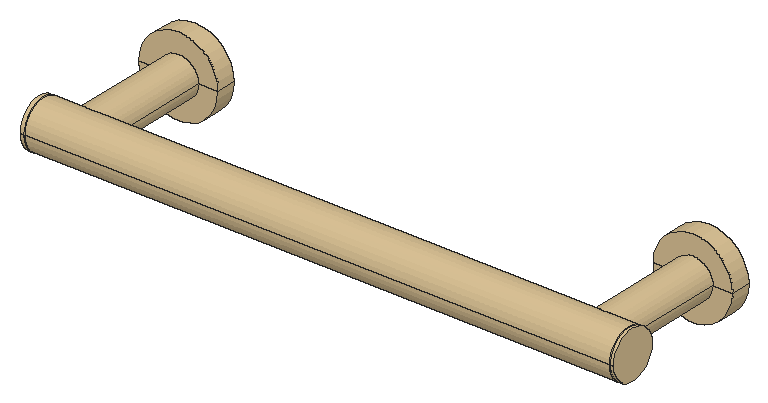
Revit family "Reece_Accessory_Mizu_Drift_Single Towel Rail", category Plumbing Fixtures, Revit 2018
Family settings
  Round Connector Dimension = Use Diameter
  Part Type = Normal
  Work Plane-Based = Yes
  Always vertical = Yes
  Cut with Voids When Loaded = Yes
  Shared = Yes
  Room Calculation Point = Yes
Parameters (values of type "300 x 85 mm_Brushed Brass")
  URL = "https://www.reece.com.au/product/-9512441"
  Type Comments = "Accessory"
  Reece_Product_Web Page = "https://www.reece.com.au/product/-9512441"
  Reece_Product_Type = "Accessory"  # constant formula
  Reece_Product_Sub Brand = "Drift"  # constant formula
  Reece_Product_Number = "9512441"
  Reece_Product_Mount = "Wall"  # constant formula
  Reece_Product_Description = "Mizu Drift Single Towel Rail 300mm Brushed Brass"
  Reece_Product_Brand = "Mizu"  # constant formula
  Reece_Overall_Width = 300 mm
  Reece_Overall_Height = 40 mm  # constant formula
  Reece_Material_Main = Reece_Brass_Brushed
  Reece_Fixing_Point_Width = 260 mm
  Reece_Detail_Shape = ""
  Reece_Detail_Installation = "Wall Mounted"  # constant formula
  Reece_Detail_Disclaimer = "THIS FILE IS THE PROPERTY OF THE REECE GROUP. IT MAY NOT BE REPRODUCED, REVERSE-ENGINEERED, OR MODIFIED. ANY REPUBLICATION, TRANSMISSION, OR DISTRIBUTION FOR THE PURPOSE OF COMMERCIALLY EXPLOITING THE FILES IS PROHIBITED."  # constant formula
  Reece_Detail_Connector = ""
  Reece_Detail_Additional = ""
  Reece_Accessory_Projection = 85 mm  # constant formula
  Model = "Drift"
  Manufacturer = "Mizu"
  Keynote = "Product #9512441, Reece_Accessory_Mizu_Drift_Single Towel Rail - 300 x 85 mm_Brushed Brass"
  Disclaimer = "THIS FILE IS THE PROPERTY OF THE REECE GROUP. IT MAY NOT BE REPRODUCED, REVERSE-ENGINEERED, OR MODIFIED. ANY REPUBLICATION, TRANSMISSION, OR DISTRIBUTION FOR THE PURPOSE OF COMMERCIALLY EXPLOITING THE FILES IS PROHIBITED."  # constant formula
  Description = "Mizu Drift Single Towel Rail 300mm Brushed Brass"
  Default Elevation = 0 mm
Types (21, lengths in mm): name | URL | Reece_Product_Web Page | Reece_Product_Number | Reece_Product_Description | Reece_Overall_Width | Reece_Material_Main | Reece_Fixing_Point_Width | Keynote | Description
  300 x 85 mm_Brushed Nickel | "https://www.reece.com.au/product/-2263993" | "https://www.reece.com.au/product/-2263993" | "2263993" | "Mizu Drift Single Towel Rail 300mm Brushed Nickel" | 300 | Reece_Brass_Brushed Nickel | 260 | "Product #2263993, Reece_Accessory_Mizu_Drift_Single Towel Rail - 300 x 85 mm_Brushed Nickel" | "Mizu Drift Single Towel Rail 300mm Brushed Nickel"
  300 x 85 mm_Chrome | "https://www.reece.com.au/product/-9501322" | "https://www.reece.com.au/product/-9501322" | "9501322" | "Mizu Drift Single Towel Rail 300mm Chrome" | 300 | Reece_Brass_Chrome | 260 | "Product #9501322, Reece_Accessory_Mizu_Drift_Single Towel Rail - 300 x 85 mm_Chrome" | "Mizu Drift Single Towel Rail 300mm Chrome"
  300 x 85 mm_Matte Black | "https://www.reece.com.au/product/-2263992" | "https://www.reece.com.au/product/-2263992" | "2263992" | "Mizu Drift Single Towel Rail 300mm Matte Black" | 300 | Reece_Brass_Matte Black | 260 | "Product #2263992, Reece_Accessory_Mizu_Drift_Single Towel Rail - 300 x 85 mm_Matte Black" | "Mizu Drift Single Towel Rail 300mm Matte Black"
  450 x 85 mm_Chrome | "https://www.reece.com.au/product/-2202015" | "https://www.reece.com.au/product/-2202015" | "2202015" | "Mizu Drift Single Towel Rail 450mm Chrome" | 450 | Reece_Brass_Chrome | 405 | "Product #2202015, Reece_Accessory_Mizu_Drift_Single Towel Rail - 450 x 85 mm_Chrome" | "Mizu Drift Single Towel Rail 450mm Chrome"
  600 x 85 mm_Chrome | "https://www.reece.com.au/product/-2202016" | "https://www.reece.com.au/product/-2202016" | "2202016" | "Mizu Drift Single Towel Rail 600mm Chrome" | 600 | Reece_Brass_Chrome | 545 | "Product #2202016, Reece_Accessory_Mizu_Drift_Single Towel Rail - 600 x 85 mm_Chrome" | "Mizu Drift Single Towel Rail 600mm Chrome"
  700 x 85 mm_Brushed Nickel | "https://www.reece.com.au/product/-9508229" | "https://www.reece.com.au/product/-9508229" | "9508229" | "Mizu Drift Single Towel Rail 700mm Brushed Nickel" | 700 | Reece_Brass_Brushed Nickel | 655 | "Product #9508229, Reece_Accessory_Mizu_Drift_Single Towel Rail - 700 x 85 mm_Brushed Nickel" | "Mizu Drift Single Towel Rail 700mm Brushed Nickel"
  700 x 85 mm_Chrome | "https://www.reece.com.au/product/-2202017" | "https://www.reece.com.au/product/-2202017" | "2202017" | "Mizu Drift Single Towel Rail 700mm Chrome" | 700 | Reece_Brass_Chrome | 655 | "Product #2202017, Reece_Accessory_Mizu_Drift_Single Towel Rail - 700 x 85 mm_Chrome" | "Mizu Drift Single Towel Rail 700mm Chrome"
  700 x 85 mm_Matte Black | "https://www.reece.com.au/product/-9506775" | "https://www.reece.com.au/product/-9506775" | "9506775" | "Mizu Drift Single Towel Rail 700mm Matte Black" | 700 | Reece_Brass_Matte Black | 655 | "Product #9506775, Reece_Accessory_Mizu_Drift_Single Towel Rail - 700 x 85 mm_Matte Black" | "Mizu Drift Single Towel Rail 700mm Matte Black"
  600 x 85 mm_Matte Black | "https://www.reece.com.au/product/-9506773" | "https://www.reece.com.au/product/-9506773" | "9506773" | "Mizu Drift Single Towel Rail 600mm Matte Black" | 600 | Reece_Brass_Matte Black | 545 | "Product #9506773, Reece_Accessory_Mizu_Drift_Single Towel Rail - 600 x 85 mm_Matte Black" | "Mizu Drift Single Towel Rail 600mm Matte Black"
  900 x 85 mm_Chrome | "https://www.reece.com.au/product/-9502115" | "https://www.reece.com.au/product/-9502115" | "9502115" | "Mizu Drift Single Towel Rail 900mm Chrome" | 900 | Reece_Brass_Chrome | 860 | "Product #9502115, Reece_Accessory_Mizu_Drift_Single Towel Rail - 900 x 85 mm_Chrome" | "Mizu Drift Single Towel Rail 900mm Chrome"
  700 x 85 mm_Brushed Gunmetal | "https://www.reece.com.au/product/-2217444" | "https://www.reece.com.au/product/-2217444" | "2217444" | "Mizu Drift Single Towel Rail 700mm Brushed Gunmetal" | 700 | Reece_Brass_Brushed Gunmetal | 655 | "Product #2217444, Reece_Accessory_Mizu_Drift_Single Towel Rail - 700 x 85 mm_Brushed Gunmetal" | "Mizu Drift Single Towel Rail 700mm Brushed Gunmetal"
  300 x 85 mm_Brushed Gunmetal | "https://www.reece.com.au/product/-2217448" | "https://www.reece.com.au/product/-2217448" | "2217448" | "Mizu Drift Single Towel Rail 300mm Brushed Gunmetal" | 300 | Reece_Brass_Brushed Gunmetal | 260 | "Product #2217448, Reece_Accessory_Mizu_Drift_Single Towel Rail - 300 x 85 mm_Brushed Gunmetal" | "Mizu Drift Single Towel Rail 300mm Brushed Gunmetal"
  300 x 85 mm_Brushed Brass | "https://www.reece.com.au/product/-9512441" | "https://www.reece.com.au/product/-9512441" | "9512441" | "Mizu Drift Single Towel Rail 300mm Brushed Brass" | 300 | Reece_Brass_Brushed | 260 | "Product #9512441, Reece_Accessory_Mizu_Drift_Single Towel Rail - 300 x 85 mm_Brushed Brass" | "Mizu Drift Single Towel Rail 300mm Brushed Brass"
  600 x 85 mm_Brushed Brass | "https://www.reece.com.au/product/-9512562" | "https://www.reece.com.au/product/-9512562" | "9512562" | "Mizu Drift Single Towel Rail 600mm Brushed Brass" | 600 | Reece_Brass_Brushed | 545 | "Product #9512562, Reece_Accessory_Mizu_Drift_Single Towel Rail - 600 x 85 mm_Brushed Brass" | "Mizu Drift Single Towel Rail 600mm Brushed Brass"
  600 x 85 mm_Brushed Gunmetal | "https://www.reece.com.au/product/-9512561" | "https://www.reece.com.au/product/-9512561" | "9512561" | "Mizu Drift Single Towel Rail 600mm Brushed Gunmetal" | 600 | Reece_Brass_Brushed Gunmetal | 545 | "Product #9512561, Reece_Accessory_Mizu_Drift_Single Towel Rail - 600 x 85 mm_Brushed Gunmetal" | "Mizu Drift Single Towel Rail 600mm Brushed Gunmetal"
  600 x 85 mm_Brushed Nickel | "https://www.reece.com.au/product/-9512560" | "https://www.reece.com.au/product/-9512560" | "9512560" | "Mizu Drift Single Towel Rail 600mm Brushed Nickel" | 600 | Reece_Brass_Brushed Nickel | 545 | "Product #9512560, Reece_Accessory_Mizu_Drift_Single Towel Rail - 600 x 85 mm_Brushed Nickel" | "Mizu Drift Single Towel Rail 600mm Brushed Nickel"
  700 x 85 mm_Brushed Brass | "https://www.reece.com.au/product/-9512442" | "https://www.reece.com.au/product/-9512442" | "9512442" | "Mizu Drift Single Towel Rail 700mm Brushed Brass" | 700 | Reece_Brass_Brushed | 655 | "Product #9512442, Reece_Accessory_Mizu_Drift_Single Towel Rail - 700 x 85 mm_Brushed Brass" | "Mizu Drift Single Towel Rail 700mm Brushed Brass"
  900 x 85 mm_Brushed Brass | "https://www.reece.com.au/product/-9512553" | "https://www.reece.com.au/product/-9512553" | "9512553" | "Mizu Drift Single Towel Rail 900mm Brushed Brass" | 900 | Reece_Brass_Brushed | 860 | "Product #9512553, Reece_Accessory_Mizu_Drift_Single Towel Rail - 900 x 85 mm_Brushed Brass" | "Mizu Drift Single Towel Rail 900mm Brushed Brass"
  900 x 85 mm_Brushed Gunmetal | "https://www.reece.com.au/product/-9512552" | "https://www.reece.com.au/product/-9512552" | "9512552" | "Mizu Drift Single Towel Rail 900mm Brushed Gunmetal" | 900 | Reece_Brass_Brushed Gunmetal | 860 | "Product #9512552, Reece_Accessory_Mizu_Drift_Single Towel Rail - 900 x 85 mm_Brushed Gunmetal" | "Mizu Drift Single Towel Rail 900mm Brushed Gunmetal"
  900 x 85 mm_Brushed Nickel | "https://www.reece.com.au/product/-9512551" | "https://www.reece.com.au/product/-9512551" | "9512551" | "Mizu Drift Single Towel Rail 900mm Brushed Nickel" | 900 | Reece_Brass_Brushed Nickel | 860 | "Product #9512551, Reece_Accessory_Mizu_Drift_Single Towel Rail - 900 x 85 mm_Brushed Nickel" | "Mizu Drift Single Towel Rail 900mm Brushed Nickel"
  900 x 85 mm_Matte Black | "https://www.reece.com.au/product/-9512550" | "https://www.reece.com.au/product/-9512550" | "9512550" | "Mizu Drift Single Towel Rail 900mm Matte Black" | 900 | Reece_Brass_Matte Black | 860 | "Product #9512550, Reece_Accessory_Mizu_Drift_Single Towel Rail - 900 x 85 mm_Matte Black" | "Mizu Drift Single Towel Rail 900mm Matte Black"
Reference planes
  plane 1 "Center (Front/Back)": y = 0
  plane 2 "Bottom Host Plane": z = 0
  plane 3 "Center (Left/Right)": x = 0
  plane 4: x = -130
  plane 5: y = -85
  plane 6: x = 130
  plane 7: x = -150
  plane 8: x = -148
  plane 9: x = 150
  plane 10: x = 148
Forms (mm)
  Revolve 1, solid, material "Reece_Brass_Brushed" <- "Reece_Material_Main"
    sketch origin (372.5, 0, 0) x (1, 0, 0) y (0, 1, 0)
      loop
        line (-502.5, 0) -> (-502.5, -73) -> (-492.5, -73) -> (-492.5, -10) -> (-482.5, -10) -> (-482.5, 0) -> (-502.5, 0)
      axis (-502.5, 0) -> (-502.5, -73)
    angle from 0 to 360
  Revolve 2, solid, material "Reece_Brass_Brushed" <- "Reece_Material_Main"
    sketch origin (720, 0, 0) x (1, 0, 0) y (0, 1, 0)
      loop
        line (-590, 0) -> (-590, -73) -> (-580, -73) -> (-580, -10) -> (-570, -10) -> (-570, 0) -> (-590, 0)
      axis (-590, 0) -> (-590, -73)
    angle from 0 to 360
  Extrusion 3, solid, material "Reece_Brass_Brushed" <- "Reece_Material_Main"
    sketch origin (0, 37, 0) x (0, 1, 0) y (0, 0, 1)
      loop
        circle (-110, 0) r 12
    from -148 to 148
  Extrusion 4, solid, material "Reece_Brass_Brushed" <- "Reece_Material_Main"
    sketch origin (245, 37, 0) x (0, 1, 0) y (0, 0, 1)
      loop
        circle (-110, 0) r 12
    from -97 to -95
  Extrusion 5, solid, material "Reece_Brass_Brushed" <- "Reece_Material_Main"
    sketch origin (-245, 37, 0) x (0, 1, 0) y (0, 0, -1)
      loop
        circle (-110, 0) r 12
    from -97 to -95
Cuts and joins
  joined: Revolve 1, Revolve 2, Extrusion 3
Text (mm)
  text "Reece ©" at (2731.716, -2545.679, 2739.417), in view "Reece Preview"
  text "Reece ©" at (583.919, -522.681, -1020.679), in view "Ref. Level"
Dimensions and locks
  "Reece_Accessory_Projection": plane 5 to plane 1 "Center (Front/Back)"
  equal spacing: plane 4, plane 3 "Center (Left/Right)", plane 6
  locked: plane 2 "Bottom Host Plane" to level
  "Reece_Overall_Width": plane 7 to plane 9
  locked: plane 7 to plane 8 at 2
  locked: plane 10 to plane 9 at 2
  "Reece_Fixing_Point_Width": plane 4 to plane 6
  plane 6 to Revolve 2 sketch curve = 20 mm
  Revolve 2 sketch curve to Revolve 2 sketch curve = 10 mm
  equal spacing: plane 7, plane 3 "Center (Left/Right)", plane 9
  aligned and locked: Revolve 1 sketch curve to plane 4
  aligned and locked: plane 1 "Center (Front/Back)" to Revolve 1 sketch curve
  aligned and locked: Extrusion 4 to plane 9
  aligned and locked: Extrusion 4 to Extrusion 3
  aligned and locked: Extrusion 3 to plane 10
  aligned and locked: Extrusion 5 to plane 7
  aligned and locked: plane 8 to Extrusion 5
  aligned and locked: Extrusion 3 to plane 8
Automatic sketch dimensions
  Extrusion 3 sketch curve to level = 0 mm
  plane 1 "Center (Front/Back)" to Extrusion 3 sketch curve = 73 mm
  Extrusion 4 sketch curve to level = 0 mm
  plane 1 "Center (Front/Back)" to Extrusion 4 sketch curve = 73 mm
  Extrusion 5 sketch curve to level = 0 mm
  plane 1 "Center (Front/Back)" to Extrusion 5 sketch curve = 73 mm
  Revolve 1 sketch curve to plane 4 = 0 mm
  plane 1 "Center (Front/Back)" to Revolve 1 sketch curve = 0 mm
  plane 4 to Revolve 1 sketch curve = 10 mm
  Revolve 1 sketch curve to Revolve 1 sketch curve = 10 mm
  plane 1 "Center (Front/Back)" to Revolve 1 sketch curve = 10 mm
  Revolve 1 sketch curve to Revolve 1 sketch curve = 63 mm
  plane 5 to Revolve 1 sketch curve = 53 mm
  Revolve 2 sketch curve to plane 6 = 0 mm  (x2)
  plane 1 "Center (Front/Back)" to Revolve 2 sketch curve = 0 mm  (x2)
  plane 1 "Center (Front/Back)" to Revolve 2 sketch curve = 10 mm
  Revolve 2 sketch curve to Revolve 2 sketch curve = 63 mm
  plane 5 to Revolve 2 sketch curve = 50 mm
  radius of Extrusion 3 sketch curve = 12 mm
  radius of Extrusion 4 sketch curve = 12 mm
  radius of Extrusion 5 sketch curve = 12 mm
